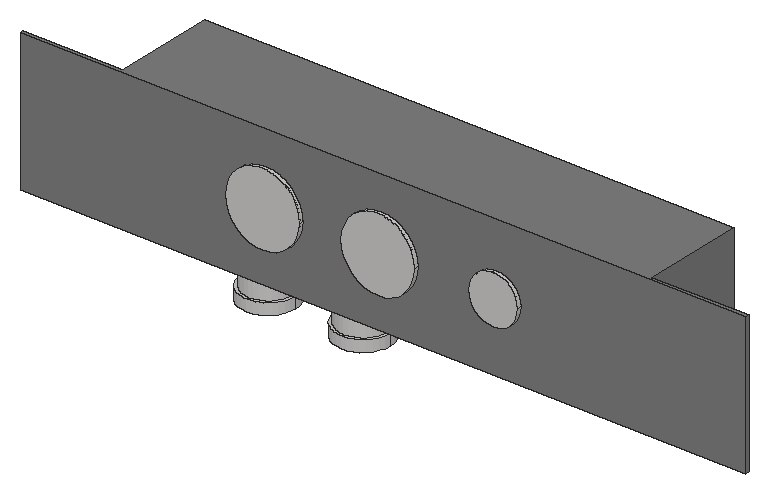
Revit family "5100", category Generic Models, Revit 2021
Family settings
  Can host rebar = No
  Round Connector Dimension = Use Diameter
  Part Type = Normal
  Work Plane-Based = No
  Always vertical = Yes
  Cut with Voids When Loaded = No
  Shared = No
  Room Calculation Point = No
Parameters
  e-mail = "info@vola.com"
  URL = "http://vola.com"
  Telephone = "+45 7023 5500"
  Quality management standard = "ISO 9001"
  Organisation no. / DUNS no. = "17531328"
  Occupational health and safety management standard = "ISO 18001"
  Mounting Instructions = "http://vola.com/service/producturl.ashx?name=5100"
  Model = "5100"
  Materials and components information = "http://vola.com/service/producturl.ashx?name=5100"
  Manufacturer = "VOLA A/S"
  Maintenance Instructions = "http://vola.com/service/producturl.ashx?name=5100"
  Guarantee = "2 years"
  Flow = "43,00 l/min"
  Environmental management standard = "ISO 14000"
  Default Elevation = 0.00 mm
  Connection - All relevant connections = ""
  Approvals = "http://vola.com/service/producturl.ashx?name=5100"
Reference planes
  plane 1 "Center (Front/Back)": y = 0
  plane 2: z = 0
  plane 3 "Center (Left/Right)": x = 0
  plane 4 "Inlet Center Plane": y = -29
  plane 5: z = 85
Forms (mm)
  Extrusion 1, solid, material "Default"
    sketch origin (10, 0, 16) x (1, 0, 0) y (0, 1, 0)
      loop
        line (-147.5, 0) -> (-147.5, -69) -> (210.5, -69) -> (210.5, 0) -> (-147.5, 0)
    from 21.5 to 116.5
  Extrusion 2, solid, material "Default"
    sketch origin (10, -1, 16) x (1, 0, 0) y (0, 1, 0)
      loop
        line (-215, -68) -> (-215, -70.5) -> (275.5, -70.5) -> (275.5, -68) -> (-215, -68)
    from 21.5 to 116.5
  Extrusion 3, solid, material "Stainless Steel"
    sketch origin (-59, -4, 37.5) x (0, 1, 0) y (1, 0, 0)
      loop
        circle (-25, -12) r 16.5
    from 0 to 29.77
  Extrusion 4, solid, material "Stainless Steel"
    sketch origin (5, -4, 37.5) x (0, 1, 0) y (1, 0, 0)
      loop
        circle (-25, -12) r 16.5
    from 0 to 29.77
  Extrusion 5, solid, material "Stainless Steel"
    sketch origin (-51.5, -71.5, 16) x (-1, 0, 0) y (0, 0, -1)
      loop
        circle (-12.5, -69) r 24.89
    from 0 to 2.5
  Extrusion 6, solid, material "Stainless Steel"
    sketch origin (26.5, -71.5, 16) x (-1, 0, 0) y (0, 0, -1)
      loop
        circle (-12.5, -69) r 24.89
    from 0 to 2.5
  Extrusion 7, solid, material "Stainless Steel"
    sketch origin (65.5, -71.5, 16) x (-1, 0, 0) y (0, 0, -1)
      loop
        circle (-51.5, -69) r 16.5
    from 0 to 2.5
  Extrusion 8, solid, material "Stainless Steel"
    sketch origin (-59, -4, 7.73) x (-1, 0, 0) y (0, 1, 0)
      loop
        circle (12, -25) r 18.5
    from 0 to 7.73
  Extrusion 9, solid, material "Stainless Steel"
    sketch origin (5, -4, 7.73) x (-1, 0, 0) y (0, 1, 0)
      loop
        circle (12, -25) r 18.5
    from 0 to 7.73
Cuts and joins
  joined: Extrusion 1, Extrusion 2
Lines and regions (mm)
  reference lines
    curve 1: line (117, -29, 85) -> (117, -121.5, 85)
    curve 2: line (39, -29, 85) -> (39, -121.5, 85)
    curve 3: line (-39, -29, 85) -> (-39, -121.5, 85)
    curve 4: line (-71, -29, 85) -> (-71, -29, -14)
    curve 5: line (-7, -29, 85) -> (-7, -29, -14)
Dimensions and locks
  aligned and locked: plane 2 to level
  aligned and locked: Extrusion 1 to Extrusion 2
  aligned and locked: Extrusion 2 to Extrusion 1
